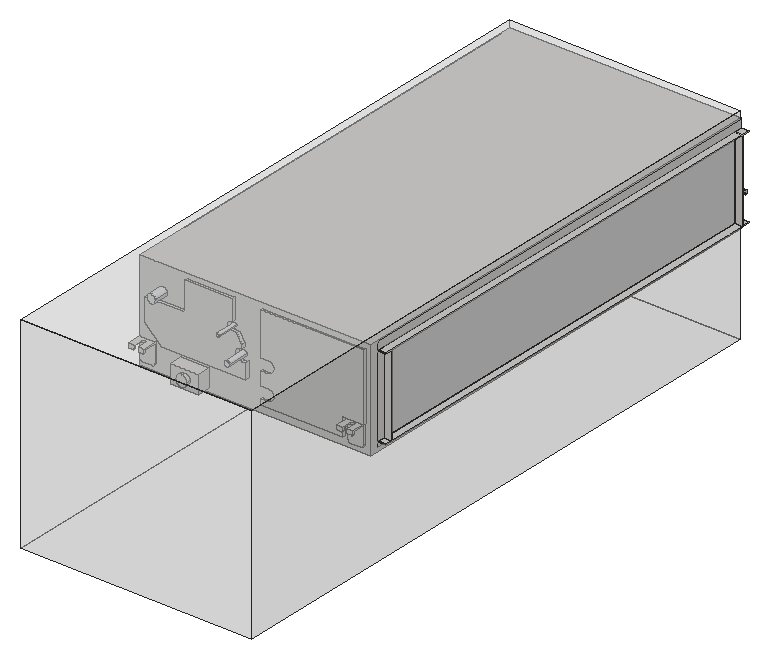
Revit family "outputfile", category 機械設備, Revit 2024
Family settings
  丸型コネクタ寸法 = 半径を使用
  パーツ タイプ = 標準
  OmniClass 番号 = 23.75.10.24.21.27.27
  OmniClass タイトル = Split System Air Conditioning Units
  作業面ベース = いいえ
  常に垂直 = はい
  ロード時にボイドで切り取り = いいえ
  注釈の向きを維持 = いいえ
  共有 = いいえ
  部屋計算ポイント = はい
Parameters (values of type "FXMQ140PAV4")
  Description = ""
  製造元 = "Daikin"
  書き出し IFC クラス(タイプ) = "IfcUnitaryEquipmentType"
  定義済み IFC タイプ(タイプ) = "AIRCONDITIONINGUNIT"
  Cost = 0
  モデル = "FXMQ140PAV4"
  Type Comments = ""
  Keynote = ""
  Type Image = (empty or 0)
  Assembly Code = ""
  r_Liquid Pipe Size = Liquid Pipe Size / 2  # 4.75 mm
  r_Gas Pipe Size = Gas Pipe Size / 2  # 7.95 mm
  r_Drain Pipe Size = Drain Pipe Size / 2  # 12.5 mm
  lw_power = 396.0 mm  # constant formula
  lh_SA = 165.0 mm  # constant formula
  lw_SA = if(Depth = 550.0 mm, 210.0 mm, if(Depth = 700.0 mm, 285.0 mm, if(Depth = 1000.0 mm, 435.0 mm, 635.0 mm)))  # 635.0 mm
  lw_RA = if(Depth = 550.0 mm, 288.0 mm, if(Depth = 700.0 mm, 363.0 mm, if(Depth = 1000.0 mm, 513.0 mm, 713.0 mm)))  # 713.0 mm
  lh_power = 60.0 mm + [h***]  # 60.0 mm
  lh_mountinghole1 = lh_mountinghole + [h***]  # 80.0 mm
  lh_RA = 150.0 mm  # constant formula
  ld_power = Depth / 2  # 700.0 mm
  Voltage_comment_60Hz = "220"
  Voltage_comment_50Hz = "220-240"
  Voltage_60Hz = 220 V
  Voltage_50Hz = 220 V
  URL = ""
  Supply Air Direction [instance] = yes
  Sound Power Level_H speed (dB) = 64
  Phase_60Hz = 1
  Phase_50Hz = 1
  Minimum External Static Pressure = 50.00 Pa
  Minimum Circuit Amps_60Hz = 3.4 A
  Minimum Circuit Amps_50Hz = 3.4 A
  Maximum Fuse Amps_60Hz = 16.0 A
  Maximum Fuse Amps_50Hz = 16.0 A
  Maximum External Static Pressure = 140.00 Pa
  Material_Casing = DAIKIN_GalvanizedSteel_Casing_indoorunit
  lw_mountinghole = 631.0 mm  # constant formula
  lh_gaspipe = 144.0 mm + [h***]  # 144.0 mm
  lh_mountinghole = 80.0 mm  # constant formula
  lh_liquidpipe = 212.0 mm + [h***]  # 212.0 mm
  lh_drainpipe = 232.0 mm + [h***]  # 232.0 mm
  lh_antena = Height - lh_mountinghole + 1.0 mm  # 221.0 mm
  ld_drainpipe = Depth / 2 + 54.0 mm  # 754.0 mm
  ld_liquidpipe = 765.0 mm
  ld_gaspipe = 765.0 mm
  ld_mountinghole = Depth + 38.0 mm  # 1438.0 mm
  h*** = 0.0 mm  # constant formula
  lw_liquidpipe = 290.0 mm  # constant formula
  lw_gaspipe = 318.0 mm  # constant formula
  lw_drainpipe = 80.0 mm  # constant formula
  Width = 700.0 mm
  Version = "ver.1.0"
  Unit Type = "Middle-High Static Pressure Duct Type"
  Unit Mass Weight = 46.00 kg
  Unit Designation [instance] = ""
  Uniclass2015Version = "Products v1.30"
  Uniclass2015Title = "Variable refrigerant flow units"
  Uniclass2015Code = "Pr_70_65_03_94"
  Total Heating Capacity [instance] = 0.000 kW
  Total Cooling Capacity [instance] = 0.000 kW
  Sound Pressure Level_M speed (dBA) = 0
  Sound Pressure Level_L speed (dBA) = 43
  Sound Pressure Level_H speed (dBA) = 46
  Series = "VRV Fan Coil Unit"
  Sensible Cooling Capacity [instance] = 0.000 kW
  SA Duct Size Width = if(Depth = 550.0 mm, 310.0 mm, if(Depth = 700.0 mm, 460.0 mm, if(Depth = 1000.0 mm, 760.0 mm, 1160.0 mm)))  # 1160.0 mm
  SA Duct Size Height = 215.0 mm
  Refrigerant Type = "R410A"
  RA Duct Size Width = if(Depth = 550.0 mm, 475.0 mm, if(Depth = 700.0 mm, 625.0 mm, if(Depth = 1000.0 mm, 925.0 mm, 1325.0 mm)))  # 1325.0 mm
  RA Duct Size Height = 247.0 mm
  Power Input (Heating) = 0.449 kW
  Power Input (Cooling) = 0.461 kW
  Option Accessory 3 [instance] = ""
  Option Accessory 2 [instance] = ""
  Option Accessory 1 [instance] = ""
  Nominal Heating Capacity = 18.000 kW
  Nominal Cooling Capacity = 16.000 kW
  Minimum Airflow = 1920.00 m³/h
  Median Airflow = 2340.00 m³/h
  Maximum Airflow = 2760.00 m³/h
  Load Classification = HVAC
  Liquid Pipe Size = 9.5 mm
  Link_Nested Family [instance] = ""
  IfcVersion = "0"
  IfcExportType = "AIRCONDITIONINGUNIT"
  IfcExportAs = "IfcUnitaryEquipmentType"
  Height = 300.0 mm
  Heating Entering Wet Bulb Temperature [instance] = 0.00 °C
  Heating Entering Dry Bulb Temperature [instance] = 0.00 °C
  Heating Ambient Wet Bulb Temperature [instance] = 0.00 °C
  Heating Ambient Dry Bulb Temperature [instance] = 0.00 °C
  Heat Exchanger Type = "Cross Fin Coil"
  Gas Pipe Size = 15.9 mm
  Frequency_60Hz = 60 Hz
  Frequency_50Hz = 50 Hz
  Fan Type = "Sirocco Fan"
  Fan Drive = "Direct Drive"
  FCU Tag No. [instance] = ""
  Drain Pipe Size = 25.0 mm
  Design Supply Airflow [instance] = 0.00 m³/h
  Design Return Airflow [instance] = 0.00 m³/h
  Design External Static Pressure [instance] = 0.00 Pa
  Depth = 1400.0 mm
  既定の高さ = 0.0 mm
  Cooling Entering Wet Bulb Temperature [instance] = 0.00 °C
  Cooling Entering Dry Bulb Temperature [instance] = 0.00 °C
  Cooling Ambient Wet Bulb Temperature [instance] = 0.00 °C
  Cooling Ambient Dry Bulb Temperature [instance] = 0.00 °C
  Clearance visibility [instance] = yes
  Clearance Top = 20.0 mm
  Clearance Right = 0.0 mm
  Clearance Rear = 0.0 mm
  Clearance Left = 0.0 mm
  Clearance Front = 450.0 mm
  Clearance Bottom = 300.0 mm
Reference planes
  plane 1 "Center (Front/Back)": y = 0
  plane 2 "h": z = 0
  plane 3 "Center (Left/Right)": x = 0
  plane 4 "Back": y = 700
  plane 5 "Front": y = -700
  plane 6 "Left": x = -350
  plane 7 "Reight": x = 350
  plane 8 "Top": z = 0
  plane 9 "Bottom": z = -300
  plane 10: y = -215
  plane 11: y = 700
  plane 12: y = -1150
  plane 13: x = -350
  plane 14: x = 350
  plane 15: z = 20
  plane 16: z = -600
  plane 17: x = -350
  plane 18: z = -135
  plane 19: x = -349
  plane 20: x = 349
  plane 21: y = 65
  plane 22: y = 13
  plane 23: z = -150
  plane 24: y = -710.8
  plane 25: z = -14
  plane 26: z = -219
  plane 27: x = -324
  plane 28: x = -60
  plane 29: x = -20
  plane 30: z = -156
  plane 31: x = -32
  plane 32: z = -88
  plane 33: x = 23
  plane 34: x = 335
  plane 35: z = -15.8
  plane 36: z = -274.8
  plane 37: z = -219.8
  plane 38: x = 271
  plane 39: x = -223.3
  plane 40: x = -138.3
  plane 41: z = -232.7
  plane 42: z = -288.5
  plane 43: y = -741
  plane 44: x = -181
  plane 45: z = -260
  plane 46: y = -751
  plane 47: z = -163.8
  plane 48: z = -239.8
  plane 49: x = 46
  plane 50: z = -88
  plane 51: x = -60
  plane 52: y = -765
  plane 53: z = -156
  plane 54: x = -32
  plane 55: y = -754
  plane 56: z = -68
  plane 57: x = -270
  plane 58: x = -270
  plane 59: x = -60
  plane 60: x = -32
  plane 61: x = 46
  plane 62: x = -323
  plane 63: x = 308
  plane 64: y = -719
  plane 65: y = 719
  plane 66: z = -220
  plane 67: y = -706
  plane 68: x = -204
  plane 69: z = -100.2
  plane 70: x = -374
  plane 71: x = 374
Forms (mm)
  Extrusion 1, solid, material "DAIKIN_GalvanizedSteel_Casing_indoorunit" <- "Material_Casing"
    sketch origin (0, 0, 0) x (1, 0, 0) y (0, 1, 0)
      loop
        line (-349, 700) -> (-349, -700) -> (349, -700) -> (349, 700) -> (-349, 700)
    from -300 to 0
  Extrusion 2, solid, material "DAIKIN_GalvanizedSteel_Casing_indoorunit" <- "Material_Casing"
    sketch origin (0, 0, 0) x (1, 0, 0) y (0, 0, 1)
      loop
        line (-324, -100.2) -> (-324, -168) -> (-273, -219) -> (-20, -219) -> (-20, -173.5) -> (-32, -173.5)
        arc (-32, -173.5) -> (-49.5, -156) -> (-32, -138.5) r 17.5
        line (-32, -138.5) -> (-32, -127.5) -> (-47, -101) -> (-60, -101)
        arc (-60, -101) -> (-73, -88) -> (-60, -75) r 13
        line (-60, -75) -> (-60, -14) -> (-204, -14) -> (-204, -100.2) -> (-324, -100.2)
    from 700 to 710.8
  Extrusion 3, solid, material "DAIKIN_GalvanizedSteel_Casing_indoorunit" <- "Material_Casing"
    sketch origin (0, 0, 0) x (1, 0, 0) y (0, 0, 1)
      loop
        line (23, -274.8) -> (271, -274.8) -> (271, -219.8) -> (335, -219.8) -> (335, -15.8) -> (23, -15.8) -> (23, -146.3) -> (46, -146.3)
        arc (46, -146.3) -> (63.5, -163.8) -> (46, -181.3) r 17.5
        line (46, -181.3) -> (23, -181.3) -> (23, -222.3) -> (46, -222.3)
        arc (46, -222.3) -> (63.5, -239.8) -> (46, -257.3) r 17.5
        line (46, -257.3) -> (23, -257.3) -> (23, -274.8)
    from 700 to 706
  Extrusion 4, solid, material "DAIKIN_GalvanizedSteel_Casing_indoorunit" <- "Material_Casing"
    sketch origin (0, 0, 0) x (1, 0, 0) y (0, 0, 1)
      loop
        line (-223.3, -232.7) -> (-223.3, -288.5) -> (-138.3, -288.5) -> (-138.3, -232.7) -> (-223.3, -232.7)
    from 700 to 741
  Extrusion 5, solid, material "DAIKIN_GalvanizedSteel_Casing_indoorunit" <- "Material_Casing"
    sketch origin (0, 0, 0) x (1, 0, 0) y (0, 0, 1)
      loop
        circle (-181, -260) r 16.5
    from 741 to 751
  Extrusion 6, solid
    sketch origin (0, 0, 0) x (1, 0, 0) y (0, 0, 1)
      loop
        circle (-60, -88) r 4.75
    from 700 to 765
  Extrusion 7, solid
    sketch origin (0, 0, 0) x (1, 0, 0) y (0, 0, 1)
      loop
        circle (-32, -156) r 7.95
    from 700 to 765
  Extrusion 8, solid
    sketch origin (0, 0, 0) x (1, 0, 0) y (0, 0, 1)
      loop
        circle (-270, -68) r 12.5
    from 710.8 to 754
Dimensions and locks
  "Height": plane 8 "Top" to plane 9 "Bottom"
  equal spacing: plane 4 "Back", plane 1 "Center (Front/Back)", plane 5 "Front"
  "Depth": plane 4 "Back" to plane 5 "Front"
  equal spacing: plane 6 "Left", plane 3 "Center (Left/Right)", plane 7 "Reight"
  "Width": plane 6 "Left" to plane 7 "Reight"
  "Clearance Left": plane 13 to plane 6 "Left"
  "Clearance Right": plane 7 "Reight" to plane 14
  "Clearance Rear": plane 11 to plane 4 "Back"
  "Clearance Front": plane 5 "Front" to plane 12
  "Clearance Top": plane 15 to plane 8 "Top"
  "Clearance Bottom": plane 9 "Bottom" to plane 16
  "lh_SA": plane 18 to plane 9 "Bottom"
  locked: plane 17 to plane 19 at 1
  locked: plane 20 to plane 14 at 1
  "lw_SA": plane 11 to plane 21
  "lw_RA": plane 22 to plane 5 "Front"
  "lh_RA": plane 23 to plane 9 "Bottom"
  locked: plane 5 "Front" to plane 24 at 10.8
  plane 29 to plane 28 to plane 27 to plane 6 "Left" = 40.0 mm, 264.0 mm, 26.0 mm
  locked: plane 31 to plane 6 "Left" at 318
  plane 34 to plane 33 to plane 6 "Left" = 312.0 mm locked, 373.0 mm locked
  locked: plane 34 to plane 38 at 64
  locked: plane 37 to plane 36 at 55
  plane 40 to plane 39 to plane 6 "Left" = 85.0 mm locked, 126.7 mm locked
  locked: plane 5 "Front" to plane 43 at 41
  locked: plane 44 to plane 6 "Left" at 169
  locked: plane 43 to plane 46 at 10
  plane 47 to plane 48 to plane 36 = 76.0 mm locked, 35.0 mm locked
  locked: plane 49 to plane 33 at 23
  "lw_liquidpipe": plane 51 to plane 6 "Left"
  "lh_liquidpipe": plane 50 to plane 9 "Bottom"
  "lh_gaspipe": plane 53 to plane 9 "Bottom"
  "lw_gaspipe": plane 54 to plane 6 "Left"
  "ld_gaspipe": plane 52 to plane 1 "Center (Front/Back)"
  "ld_drainpipe": plane 55 to plane 1 "Center (Front/Back)"
  "lh_drainpipe": plane 56 to plane 9 "Bottom"
  "lw_drainpipe": plane 57 to plane 6 "Left"
  "lw_drainpipe": plane 6 "Left" to plane 58
  "lw_liquidpipe": plane 6 "Left" to plane 59
  "lw_gaspipe": plane 6 "Left" to plane 60
  "lw_power": plane 6 "Left" to plane 61
  plane 17 to plane 62 = 27.0 mm
  "lw_mountinghole": plane 62 to plane 63
  equal spacing: plane 64, plane 1 "Center (Front/Back)", plane 65
  "ld_mountinghole": plane 65 to plane 64
  "lh_mountinghole": plane 66 to plane 9 "Bottom"
  plane 8 "Top" to plane 41 to plane 42 = 232.7 mm locked, 55.8 mm locked
  locked: plane 8 "Top" to plane 45 at 260
  plane 8 "Top" to plane 25 to plane 26 = 14.0 mm locked, 205.0 mm locked
  plane 8 "Top" to plane 32 to plane 30 = 88.0 mm locked, 68.0 mm locked
  plane 8 "Top" to plane 35 to plane 36 = 15.8 mm locked, 259.0 mm locked
  locked: plane 5 "Front" to plane 67 at 6
  locked: plane 25 to plane 69 at 86.2
  locked: plane 27 to plane 68 at 120
  locked: plane 70 to plane 6 "Left" at 24
  locked: plane 14 to plane 71 at 24
  "r_Liquid Pipe Size": radius of Extrusion 6 sketch curve
  "r_Gas Pipe Size": radius of Extrusion 7 sketch curve
  "r_Drain Pipe Size": radius of Extrusion 8 sketch curve
  aligned and locked: level to plane 2 "h"
  aligned and locked: plane 8 "Top" to Extrusion 1
  aligned and locked: Extrusion 1 to plane 9 "Bottom"
  aligned and locked: nested 5 to plane 12
  aligned and locked: plane 13 to nested 5
  aligned and locked: plane 14 to nested 5
  aligned and locked: nested 5 to plane 13
  aligned and locked: plane 11 to nested 5
  aligned and locked: plane 15 to nested 5
  aligned and locked: plane 16 to nested 5
  aligned and locked: plane 5 "Front" to Extrusion 1 sketch curve
  aligned and locked: Extrusion 1 to plane 19
  aligned and locked: plane 20 to Extrusion 1
  aligned and locked: nested 7 to plane 19
  aligned and locked: nested 7 to plane 21
  aligned and locked: plane 18 to nested 7
  aligned and locked: plane 20 to nested 8
  aligned and locked: plane 22 to nested 8
  aligned and locked: plane 23 to nested 8
  aligned and locked: Extrusion 2 to plane 24
  aligned and locked: plane 5 "Front" to Extrusion 2
  aligned and locked: plane 36 to Extrusion 3 sketch curve
  aligned and locked: plane 38 to Extrusion 3 sketch curve
  aligned and locked: plane 37 to Extrusion 3 sketch curve
  aligned and locked: Extrusion 3 sketch curve to plane 34
  aligned and locked: Extrusion 3 sketch curve to plane 35
  aligned and locked: Extrusion 3 sketch curve to plane 33
  aligned and locked: plane 5 "Front" to Extrusion 3
  aligned and locked: Extrusion 4 sketch curve to plane 41
  aligned and locked: Extrusion 4 sketch curve to plane 39
  aligned and locked: plane 42 to Extrusion 4 sketch curve
  aligned and locked: plane 40 to Extrusion 4 sketch curve
  aligned and locked: Extrusion 4 to plane 43
  aligned and locked: plane 5 "Front" to Extrusion 4
  aligned and locked: Extrusion 5 sketch curve to plane 44
  aligned and locked: plane 45 to Extrusion 5 sketch curve
  aligned and locked: Extrusion 5 to plane 46
  aligned and locked: plane 43 to Extrusion 5
  aligned and locked: Extrusion 6 sketch curve to plane 51
  aligned and locked: plane 50 to Extrusion 6 sketch curve
  aligned and locked: Extrusion 6 to plane 52
  aligned and locked: plane 5 "Front" to Extrusion 6
  aligned and locked: Extrusion 7 sketch curve to plane 54
  aligned and locked: plane 53 to Extrusion 7 sketch curve
  aligned and locked: Extrusion 7 to Extrusion 6
  aligned and locked: plane 5 "Front" to Extrusion 7
  aligned and locked: Extrusion 8 sketch curve to plane 57
  aligned and locked: plane 56 to Extrusion 8 sketch curve
  aligned and locked: Extrusion 8 to plane 55
  aligned and locked: plane 24 to Extrusion 8
  aligned and locked: nested 3 to plane 55
  aligned and locked: nested 3 to plane 58
  aligned and locked: nested 2 to plane 59
  aligned and locked: nested 2 to plane 52
  aligned and locked: nested 1 to plane 60
  aligned and locked: Extrusion 7 to plane 52
  aligned and locked: nested 1 to plane 52
  aligned and locked: nested 6 to plane 5 "Front"
  aligned and locked: nested 6 to plane 61
  aligned and locked: plane 62 to nested 10
  aligned and locked: nested 10 to plane 5 "Front"
  aligned and locked: plane 63 to nested 9
  aligned and locked: nested 9 to plane 5 "Front"
  aligned and locked: nested 11 to plane 62
  aligned and locked: plane 4 "Back" to nested 11
  aligned and locked: nested 12 to plane 63
  aligned and locked: plane 4 "Back" to nested 12
  aligned and locked: plane 66 to nested 10
  aligned and locked: plane 66 to nested 11
  aligned and locked: plane 66 to nested 9
  aligned and locked: plane 66 to nested 12
  aligned and locked: plane 62 to nested 14
  aligned and locked: nested 14 to plane 65
  aligned and locked: plane 63 to nested 13
  aligned and locked: nested 13 to plane 65
  aligned and locked: plane 63 to nested 16
  aligned and locked: plane 64 to nested 16
  aligned and locked: plane 64 to nested 15
  aligned and locked: plane 62 to nested 15
  aligned and locked: Extrusion 3 to plane 67
  aligned and locked: Extrusion 2 sketch curve to plane 68
  aligned and locked: plane 69 to Extrusion 2 sketch curve
  aligned and locked: nested 17 to plane 21
  aligned and locked: nested 17 to plane 70
  aligned and locked: plane 18 to nested 17
  aligned and locked: plane 22 to nested 18
  aligned and locked: plane 71 to nested 18
  aligned and locked: nested 18 to plane 23
  aligned and locked: nested 4 to plane 3 "Center (Left/Right)"
  aligned and locked: plane 1 "Center (Front/Back)" to nested 4
  aligned and locked: level to plane 8 "Top"
Automatic sketch dimensions
  plane 6 "Left" to Extrusion 1 sketch curve = 1.0 mm
  Extrusion 1 sketch curve to plane 7 "Reight" = 1.0 mm
  Extrusion 1 sketch curve to plane 4 "Back" = 0.0 mm
  Extrusion 3 sketch curve to plane 33 = 0.0 mm  (x2)
  Extrusion 3 sketch curve to plane 47 = 0.0 mm
  Extrusion 3 sketch curve to plane 49 = 0.0 mm  (x4)
  Extrusion 3 sketch curve to plane 48 = 0.0 mm
  Extrusion 3 sketch curve to plane 37 = 2.5 mm
  plane 23 to Extrusion 3 sketch curve = 3.7 mm
  plane 27 to Extrusion 2 sketch curve = 0.0 mm
  Extrusion 2 sketch curve to plane 26 = 0.0 mm
  Extrusion 2 sketch curve to plane 28 = 0.0 mm
  Extrusion 2 sketch curve to plane 31 = 0.0 mm
  Extrusion 2 sketch curve to plane 29 = 0.0 mm
  Extrusion 2 sketch curve to plane 30 = 0.0 mm
  Extrusion 2 sketch curve to plane 32 = 0.0 mm
  Extrusion 2 sketch curve to plane 25 = 0.0 mm
  Extrusion 2 sketch curve to Extrusion 2 sketch curve = 13.0 mm
  Extrusion 2 sketch curve to Extrusion 2 sketch curve = 17.5 mm
  plane 18 to Extrusion 2 sketch curve = 7.5 mm
  Extrusion 2 sketch curve to plane 58 = 3.0 mm
  Extrusion 2 sketch curve to plane 30 = 12.0 mm
  Extrusion 2 sketch curve to Extrusion 2 sketch curve = 0.8 mm
  radius of Extrusion 5 sketch curve = 16.5 mm
Nested families
  nested 1: "daikin_connector_rotate2" at (-32, 0, -156), length <- "ld_gaspipe", built-in parameter 1001364 <- "lh_gaspipe", radius <- "r_Gas Pipe Size", type "daikin_connector_rotate2"
    with radius 7.95 mm, length 765.0 mm, angle_vertical 90.00°
  nested 2: "daikin_connector_rotate2" at (-60, 0, -88), length <- "ld_liquidpipe", built-in parameter 1001364 <- "lh_liquidpipe", radius <- "r_Liquid Pipe Size", type "daikin_connector_rotate2"
    with radius 4.75 mm, length 765.0 mm, angle_vertical 90.00°
  nested 3: "daikin_connector_rotate2" at (-270, 0, -68), length <- "ld_drainpipe", built-in parameter 1001364 <- "lh_drainpipe", radius <- "r_Drain Pipe Size", type "daikin_connector_rotate2"
    with radius 12.5 mm, length 754.0 mm, angle_vertical 90.00°
  nested 4: "daikin_△_symbolicline" at (0, 0, 300) x (0, -1, 0) z (0, 0, 1), built-in parameter 1001364 <- "Height", visible <- "Supply Air Direction", type "daikin_△_symbolicline"
    with length 200.0 mm
  nested 5: "daikin_clearancespace" at (0, -225, -289.881), visible <- "Clearance visibility", show <- "Clearance visibility", Link_Nested Family <- "Link_Nested Family", type "daikin_clearancespace"
    with width 700.0 mm, show yes, height 620.0 mm, depth 1850.0 mm, Link_Nested Family ""
  nested 6: "daikin_connector_rotate2" at (46, 0, -240), built-in parameter 1001364 <- "lh_power", length <- "ld_power", type "daikin_connector_rotate2"
    with radius 10.0 mm, length 700.0 mm, angle_vertical 90.00°
  nested 7: "daikin_ductflange_FXMQ-PAV4_2" at (-349, 65, -135) x (0, -1, 0) z (0, 0, 1), type "daikin_ductflange_FXMQ-PAV4_2"
    with width 1160.0 mm, w 1400.0 mm
  nested 8: "daikin_ductflange_FXMQ-PAV4_1" at (349, 13, -150) x (0, 1, 0) z (0, 0, 1), type "daikin_ductflange_FXMQ-PAV4_1"
    with width 1325.0 mm, w 1400.0 mm
  nested 9: "daikin_hangerfixture_FXMQ-PAV4" at (308, -700, -220), type "daikin_hangerfixture_FXMQ-PAV4"
  nested 10: "daikin_hangerfixture_FXMQ-PAV4" at (-323, -700, -220), type "daikin_hangerfixture_FXMQ-PAV4"
  nested 11: "daikin_hangerfixture_FXMQ-PAV4" at (-323, 700, -220) x (-1, 0, 0) z (0, 0, 1), type "daikin_hangerfixture_FXMQ-PAV4"
  nested 12: "daikin_hangerfixture_FXMQ-PAV4" at (308, 700, -220) x (-1, 0, 0) z (0, 0, 1), type "daikin_hangerfixture_FXMQ-PAV4"
  nested 13: "daikin_mountinghole" at (308, 719, -300), h_mountinghole <- "lh_mountinghole1", l_antenna <- "lh_antena", Link_Nested Family <- "Link_Nested Family", type "daikin_mountinghole"
    with show yes, l_antenna 221.0 mm, h_mountinghole 80.0 mm, Link_Nested Family ""
  nested 14: "daikin_mountinghole" at (-323, 719, -300), h_mountinghole <- "lh_mountinghole1", l_antenna <- "lh_antena", Link_Nested Family <- "Link_Nested Family", type "daikin_mountinghole"
    with show yes, l_antenna 221.0 mm, h_mountinghole 80.0 mm, Link_Nested Family ""
  nested 15: "daikin_mountinghole" at (-323, -719, -300), h_mountinghole <- "lh_mountinghole1", l_antenna <- "lh_antena", Link_Nested Family <- "Link_Nested Family", type "daikin_mountinghole"
    with show yes, l_antenna 221.0 mm, h_mountinghole 80.0 mm, Link_Nested Family ""
  nested 16: "daikin_mountinghole" at (308, -719, -300), h_mountinghole <- "lh_mountinghole1", l_antenna <- "lh_antena", Link_Nested Family <- "Link_Nested Family", type "daikin_mountinghole"
    with show yes, l_antenna 221.0 mm, h_mountinghole 80.0 mm, Link_Nested Family ""
  nested 17: "daikin_connector_rotate2" at (-350, 65, -135) x (0, -1, 0) z (0, 0, 1), type "daikin_connector_rotate2"
    with radius 10.0 mm, length 24.0 mm, angle_vertical 90.00°
  nested 18: "daikin_connector_rotate2" at (350, 13, -150) x (0, 1, 0) z (0, 0, 1), type "daikin_connector_rotate2"
    with radius 10.0 mm, length 24.0 mm, angle_vertical 90.00°
Connectors
  piping at (-270, -754, -68), diameter 25, driven by "r_Drain Pipe Size"
    settings: on nested 3, index 3, connector inside diameter 609.6 mm, connector length 0.0 mm, flow factor 0, pipe flow 0.00 m³/h, pressure drop 0.0 Pa, fitting loss kfactor 0, connector angle 0.00°, fixture units 0, engagement length 0.0 mm, angle of deflection 0.00°, flow configuration 1, flow direction 2, fitting loss method 4, system type 16, joint type 0, gender type 0, connector reference index -1, connector utility 0, adjustable connector no, is connector primary yes, connector description "Condensate Drain Piping"
  piping at (-32, -765, -156), diameter 15.9, driven by "r_Gas Pipe Size"
    settings: on nested 1, index 4, connector inside diameter 609.6 mm, connector length 0.0 mm, flow factor 0, pipe flow 0.00 m³/h, pressure drop 0.0 Pa, fitting loss kfactor 0, connector angle 0.00°, fixture units 0, engagement length 0.0 mm, angle of deflection 0.00°, flow configuration 1, flow direction 2, fitting loss method 0, system type 29, joint type 0, gender type 0, connector reference index -1, connector utility 0, adjustable connector no, is connector primary no, connector description "Refrigerant Gas Piping"
  piping at (-60, -765, -88), diameter 9.5, driven by "r_Liquid Pipe Size"
    settings: on nested 2, index 5, connector inside diameter 609.6 mm, connector length 0.0 mm, flow factor 0, pipe flow 0.00 m³/h, pressure drop 0.0 Pa, fitting loss kfactor 0, connector angle 0.00°, fixture units 0, engagement length 0.0 mm, angle of deflection 0.00°, flow configuration 1, flow direction 1, fitting loss method 0, system type 29, joint type 0, gender type 0, connector reference index -1, connector utility 0, adjustable connector no, is connector primary no, connector description "Refrigerant Liquid Piping"
  electrical at (46, -700, -240), driven by "Load Classification"
    settings: on nested 6, index 6, voltage 0 V, apparent load 0 VA, apparent load phase1 0 VA, apparent load phase2 0 VA, apparent load phase3 0 VA, power factor 1, load classification "HVAC", number of poles 1, system type 30, power factor state 1, is connector primary yes, connector utility no, sub classification motor no, connector description "Power Supply"
  hvac at (-374, 65, -135), driven by "SA Duct Size Height", driven by "SA Duct Size Width"
    settings: on nested 17, index 7, duct flow 0.00 m³/h, flow factor 0, pres drop 0.00 Pa, loss coef 0, conn angle 0.00°, conn width 1160.0 mm, conn height 215.0 mm, conn diameter 609.6 mm, duct sys type 1, conn prof type 1, flow config 0, flow direction 2, loss method 4, conn ref index -1, conn util no, is conn primary yes, conn desc "SA Duct"
  hvac at (374, 13, -150), driven by "RA Duct Size Height", driven by "RA Duct Size Width"
    settings: on nested 18, index 8, duct flow 0.00 m³/h, flow factor 0, pres drop 0.00 Pa, loss coef 0, conn angle 0.00°, conn width 1325.0 mm, conn height 247.0 mm, conn diameter 609.6 mm, duct sys type 2, conn prof type 1, flow config 0, flow direction 1, loss method 4, conn ref index -1, conn util no, is conn primary no, conn desc "RA Duct"
Definition of nested family "daikin_clearancespace"
  Parameters (values of type "daikin_clearancespace")
    width [instance] = 1823.963 mm
    show [instance] = yes
    material = none
    height [instance] = 1359.762 mm
    depth [instance] = 880.0 mm
    Default Elevation = 0.0 mm
    Link_Nested Family [instance] = ""
  Reference planes
    plane 1 "Center (Front/Back)": y = 0
    plane 2 "Center (Elevation)": z = -0.119
    plane 3 "Center (Left/Right)": x = 0
    plane 4: y = 440
    plane 5: y = -440
    plane 6 "Right": x = 911.982
    plane 7 "Left": x = -911.982
    plane 8 "Top": z = 679.762
    plane 9 "Bottom": z = -680
  Forms (mm)
    Extrusion 1, solid, material <- "material", visible <- "show"
      sketch origin (0, 0, 0) x (1, 0, 0) y (0, 1, 0)
        loop
          line (-911.982, 440) -> (-911.982, -440) -> (911.982, -440) -> (911.982, 440) -> (-911.982, 440)
      from -680 to 679.762
  Lines and regions (mm)
    symbolic lines, visible <- "show"
      curve 1: line (911.982, 440, 0) -> (-911.982, 440, 0)
      curve 2: line (-911.982, 440, 0) -> (-911.982, -440, 0)
      curve 3: line (-911.982, -440, 0) -> (911.982, -440, 0)
      curve 4: line (911.982, -440, 0) -> (911.982, 440, 0)
      curve 5: line (911.982, 0, 679.762) -> (-911.982, 0, 679.762)
      curve 6: line (911.982, 0, -680) -> (911.982, 0, 679.762)
      curve 7: line (-911.982, 0, -680) -> (911.982, 0, -680)
      curve 8: line (-911.982, 0, 679.762) -> (-911.982, 0, -680)
      curve 9: line (0, 440, 679.762) -> (0, -440, 679.762)
      curve 10: line (0, -440, 679.762) -> (0, -440, -680)
      curve 11: line (0, 440, -680) -> (0, 440, 679.762)
      curve 12: line (0, -440, -680) -> (0, 440, -680)
  Dimensions and locks
    "width": plane 7 "Left" to plane 6 "Right"
    "depth": plane 4 to plane 5
    "height": plane 8 "Top" to plane 9 "Bottom"
    equal spacing: plane 7 "Left", plane 3 "Center (Left/Right)", plane 6 "Right"
    equal spacing: plane 4, plane 1 "Center (Front/Back)", plane 5
    equal spacing: plane 8 "Top", plane 2 "Center (Elevation)", plane 9 "Bottom"
    aligned and locked: level to plane 2 "Center (Elevation)"
    aligned and locked: Extrusion 1 sketch curve to plane 4
    aligned and locked: plane 7 "Left" to Extrusion 1 sketch curve
    aligned and locked: Extrusion 1 sketch curve to plane 5
    aligned and locked: Extrusion 1 sketch curve to plane 6 "Right"
    aligned and locked: plane 8 "Top" to Extrusion 1
    aligned and locked: curve 1 to Extrusion 1
    aligned and locked: curve 2 to Extrusion 1
    aligned and locked: curve 3 to Extrusion 1
    aligned and locked: curve 4 to Extrusion 1
    aligned and locked: curve 5 to Extrusion 1
    aligned and locked: curve 6 to Extrusion 1
    aligned and locked: curve 7 to Extrusion 1
    aligned and locked: curve 8 to Extrusion 1
    aligned and locked: curve 9 to Extrusion 1
    aligned and locked: curve 10 to Extrusion 1
    aligned and locked: curve 11 to Extrusion 1
    aligned and locked: curve 12 to Extrusion 1
    aligned and locked: Extrusion 1 to plane 9 "Bottom"
Definition of nested family "daikin_ductflange_FXMQ-PAV4_2"
  Parameters (values of type "daikin_ductflange_FXDSQ-AVM2")
    width = if(w = 550.0 mm, 310.0 mm, if(w = 700.0 mm, 460.0 mm, if(w = 1000.0 mm, 760.0 mm, 1160.0 mm)))  # 310.0 mm
    material = none
    height = 215.0 mm
    depth = 1.0 mm
    w = 550.0 mm
    Default Elevation = 0.0 mm
  Reference planes
    plane 1 "Center (Front/Back)": y = 0
    plane 2: z = 0
    plane 3 "Center (Left/Right)": x = 0
    plane 4: z = 107.5
    plane 5: z = -107.5
    plane 6: y = -25
    plane 7: z = 132.5
    plane 8: z = 108.5
    plane 9: y = -1
    plane 10: x = -177.5
    plane 11: x = 177.5
    plane 12: z = -132.5
    plane 13: z = -108.5
    plane 14: y = -1
    plane 15: x = 155
    plane 16: x = -155
    plane 17: x = 156
    plane 18: z = 106.5
    plane 19: z = -106.5
    plane 20: x = -156
    plane 21: z = 106.5
    plane 22: z = -106.5
    plane 23: y = -1
  Forms (mm)
    Extrusion 1, solid, material <- "material"
      sketch origin (0, 0, 0) x (0, 1, 0) y (0, 0, 1)
        loop
          line (-25, 107.5) -> (0, 107.5) -> (0, 132.5) -> (-1, 132.5) -> (-1, 108.5) -> (-25, 108.5) -> (-25, 107.5)
      from -177.5 to 177.5
    Extrusion 2, solid, material <- "material"
      sketch origin (0, 0, 0) x (0, 1, 0) y (0, 0, 1)
        loop
          line (-25, -107.5) -> (-25, -108.5) -> (-1, -108.5) -> (-1, -132.5) -> (0, -132.5) -> (0, -107.5) -> (-25, -107.5)
      from -177.5 to 177.5
    Extrusion 3, solid, material <- "material"
      sketch origin (0, 0, 0) x (1, 0, 0) y (0, 0, 1)
        loop
          line (155, 107.5) -> (155, -107.5) -> (177.5, -107.5) -> (177.5, -106.5) -> (156, -106.5) -> (156, 106.5) -> (177.5, 106.5) -> (177.5, 107.5) -> (155, 107.5)
      from 0 to 25
    Extrusion 4, solid, material <- "material"
      sketch origin (0, 0, 0) x (1, 0, 0) y (0, 0, 1)
        loop
          line (-177.5, 107.5) -> (-177.5, 106.5) -> (-156, 106.5) -> (-156, -106.5) -> (-177.5, -106.5) -> (-177.5, -107.5) -> (-155, -107.5) -> (-155, 107.5) -> (-177.5, 107.5)
      from 0 to 25
    Extrusion 5, solid, material <- "material"
      sketch origin (0, 0, 0) x (1, 0, 0) y (0, 0, 1)
        loop
          line (-177.5, 107.5) -> (-177.5, -107.5) -> (-155, -107.5) -> (-155, 107.5) -> (-177.5, 107.5)
        loop
          line (177.5, 107.5) -> (155, 107.5) -> (155, -107.5) -> (177.5, -107.5) -> (177.5, 107.5)
      from 0 to 1
  Cuts and joins
    joined: Extrusion 1, Extrusion 2, Extrusion 3, Extrusion 4, Extrusion 5
  Dimensions and locks
    plane 4 to level to plane 5 = 107.5 mm locked, 107.5 mm locked
    locked: plane 6 to plane 1 "Center (Front/Back)" at 25
    locked: plane 9 to plane 1 "Center (Front/Back)" at 1
    locked: plane 8 to plane 4 at 1
    locked: plane 11 to plane 15 at 22.5
    locked: plane 16 to plane 10 at 22.5
    locked: plane 17 to plane 15 at 1
    locked: plane 4 to plane 18 at 1
    locked: plane 19 to plane 5 at 1
    "width": plane 15 to plane 16
    plane 4 to plane 5 = 215.0 mm
    equal spacing: plane 15, plane 3 "Center (Left/Right)", plane 16
    locked: plane 16 to plane 20 at 1
    locked: plane 4 to plane 21 at 1
    locked: plane 22 to plane 5 at 1
    locked: plane 23 to plane 1 "Center (Front/Back)" at 1
    aligned and locked: level to plane 2
    aligned and locked: Extrusion 1 to plane 10
    aligned and locked: plane 11 to Extrusion 1
    aligned and locked: plane 5 to Extrusion 2
    aligned and locked: Extrusion 2 to plane 1 "Center (Front/Back)"
    aligned and locked: plane 15 to Extrusion 3 sketch curve
    aligned and locked: Extrusion 3 sketch curve to Extrusion 2  (x2)
    aligned and locked: Extrusion 3 sketch curve to plane 11
    aligned and locked: plane 6 to Extrusion 3
    aligned and locked: Extrusion 2 to plane 10
    aligned and locked: plane 11 to Extrusion 2
    aligned and locked: Extrusion 4 sketch curve to Extrusion 1  (x2)
    aligned and locked: plane 5 to Extrusion 4 sketch curve
    aligned and locked: Extrusion 4 sketch curve to plane 16
    aligned and locked: Extrusion 4 sketch curve to plane 22
    aligned and locked: plane 20 to Extrusion 4 sketch curve
    aligned and locked: plane 21 to Extrusion 4 sketch curve
    aligned and locked: Extrusion 4 to plane 1 "Center (Front/Back)"
    aligned and locked: plane 6 to Extrusion 4
    aligned and locked: Extrusion 5 sketch curve to Extrusion 1  (x4)
    aligned and locked: Extrusion 5 sketch curve to Extrusion 4  (x2)
    aligned and locked: Extrusion 5 sketch curve to Extrusion 3  (x2)
    aligned and locked: Extrusion 5 to plane 1 "Center (Front/Back)"
    aligned and locked: plane 23 to Extrusion 5
  Automatic sketch dimensions
    Extrusion 1 sketch curve to plane 6 = 0.0 mm
    Extrusion 1 sketch curve to plane 7 = 0.0 mm
    Extrusion 1 sketch curve to plane 9 = 0.0 mm
    Extrusion 1 sketch curve to plane 1 "Center (Front/Back)" = 0.0 mm
    Extrusion 1 sketch curve to plane 4 = 0.0 mm
    Extrusion 1 sketch curve to plane 8 = 0.0 mm
    Extrusion 2 sketch curve to plane 6 = 0.0 mm
    plane 12 to Extrusion 2 sketch curve = 0.0 mm
    Extrusion 2 sketch curve to plane 14 = 0.0 mm
    Extrusion 2 sketch curve to plane 1 "Center (Front/Back)" = 0.0 mm
    plane 13 to Extrusion 2 sketch curve = 0.0 mm
    Extrusion 2 sketch curve to plane 5 = 0.0 mm
    Extrusion 3 sketch curve to plane 17 = 0.0 mm
    Extrusion 3 sketch curve to plane 19 = 0.0 mm
    Extrusion 3 sketch curve to plane 18 = 0.0 mm
    Extrusion 3 sketch curve to plane 4 = 0.0 mm
    Extrusion 4 sketch curve to plane 10 = 0.0 mm
Definition of nested family "daikin_ductflange_FXMQ-PAV4_1"
  Parameters (values of type "daikin_ductflange_FXDSQ-AVM")
    width = if(w = 550.0 mm, 475.0 mm, if(w = 700.0 mm, 625.0 mm, if(w = 1000.0 mm, 925.0 mm, 1325.0 mm)))  # 475.0 mm
    material = none
    height = 247.0 mm
    depth = 1.0 mm
    w = 550.0 mm
    Default Elevation = 0.0 mm
  Reference planes
    plane 1 "Center (Front/Back)": y = 0
    plane 2: z = 0
    plane 3 "Center (Left/Right)": x = 0
    plane 4: z = 123.5
    plane 5: z = -123.5
    plane 6: y = -25
    plane 7: z = 146.5
    plane 8: z = 124.5
    plane 9: y = -1
    plane 10: x = -260
    plane 11: x = 260
    plane 12: z = -137
    plane 13: z = -124.5
    plane 14: y = -1
    plane 15: x = 237.5
    plane 16: x = -237.5
    plane 17: x = 238.5
    plane 18: z = 122.5
    plane 19: z = -122.5
    plane 20: x = -238.5
    plane 21: z = 122.5
    plane 22: z = -122.5
    plane 23: y = -1
  Forms (mm)
    Extrusion 1, solid, material <- "material"
      sketch origin (0, 0, 0) x (0, 1, 0) y (0, 0, 1)
        loop
          line (-25, 123.5) -> (0, 123.5) -> (0, 146.5) -> (-1, 146.5) -> (-1, 124.5) -> (-25, 124.5) -> (-25, 123.5)
      from -260 to 260
    Extrusion 2, solid, material <- "material"
      sketch origin (0, 0, 0) x (0, 1, 0) y (0, 0, 1)
        loop
          line (-25, -123.5) -> (-25, -124.5) -> (-1, -124.5) -> (-1, -137) -> (0, -137) -> (0, -123.5) -> (-25, -123.5)
      from -260 to 260
    Extrusion 3, solid, material <- "material"
      sketch origin (0, 0, 0) x (1, 0, 0) y (0, 0, 1)
        loop
          line (237.5, 123.5) -> (237.5, -123.5) -> (260, -123.5) -> (260, -122.5) -> (238.5, -122.5) -> (238.5, 122.5) -> (260, 122.5) -> (260, 123.5) -> (237.5, 123.5)
      from 0 to 25
    Extrusion 4, solid, material <- "material"
      sketch origin (0, 0, 0) x (1, 0, 0) y (0, 0, 1)
        loop
          line (-260, 123.5) -> (-260, 122.5) -> (-238.5, 122.5) -> (-238.5, -122.5) -> (-260, -122.5) -> (-260, -123.5) -> (-237.5, -123.5) -> (-237.5, 123.5) -> (-260, 123.5)
      from 0 to 25
    Extrusion 5, solid, material <- "material"
      sketch origin (0, 0, 0) x (1, 0, 0) y (0, 0, 1)
        loop
          line (-260, 123.5) -> (-260, -123.5) -> (-237.5, -123.5) -> (-237.5, 123.5) -> (-260, 123.5)
        loop
          line (260, 123.5) -> (237.5, 123.5) -> (237.5, -123.5) -> (260, -123.5) -> (260, 123.5)
      from 0 to 1
  Cuts and joins
    joined: Extrusion 1, Extrusion 2, Extrusion 3, Extrusion 4, Extrusion 5
  Dimensions and locks
    plane 4 to level to plane 5 = 123.5 mm, 123.5 mm
    locked: plane 6 to plane 1 "Center (Front/Back)" at 25
    locked: plane 9 to plane 1 "Center (Front/Back)" at 1
    locked: plane 8 to plane 4 at 1
    locked: plane 11 to plane 15 at 22.5
    locked: plane 16 to plane 10 at 22.5
    locked: plane 17 to plane 15 at 1
    locked: plane 4 to plane 18 at 1
    locked: plane 19 to plane 5 at 1
    "width": plane 15 to plane 16
    equal spacing: plane 15, plane 3 "Center (Left/Right)", plane 16
    locked: plane 16 to plane 20 at 1
    locked: plane 4 to plane 21 at 1
    locked: plane 22 to plane 5 at 1
    locked: plane 23 to plane 1 "Center (Front/Back)" at 1
    equal spacing: plane 4, level, plane 5
    locked: plane 7 to plane 4 at 23
    locked: plane 5 to plane 12 at 13.5
    locked: plane 1 "Center (Front/Back)" to plane 14 at 1
    locked: plane 5 to plane 13 at 1
    locked: plane 4 to plane 5 at 247
    aligned and locked: level to plane 2
    aligned and locked: Extrusion 1 to plane 10
    aligned and locked: plane 11 to Extrusion 1
    aligned and locked: plane 5 to Extrusion 2
    aligned and locked: Extrusion 2 to plane 1 "Center (Front/Back)"
    aligned and locked: plane 15 to Extrusion 3 sketch curve
    aligned and locked: Extrusion 3 sketch curve to Extrusion 2  (x2)
    aligned and locked: Extrusion 3 sketch curve to plane 11
    aligned and locked: plane 6 to Extrusion 3
    aligned and locked: Extrusion 2 to plane 10
    aligned and locked: plane 11 to Extrusion 2
    aligned and locked: Extrusion 4 sketch curve to Extrusion 1  (x2)
    aligned and locked: plane 5 to Extrusion 4 sketch curve
    aligned and locked: Extrusion 4 sketch curve to plane 16
    aligned and locked: Extrusion 4 sketch curve to plane 22
    aligned and locked: plane 20 to Extrusion 4 sketch curve
    aligned and locked: plane 21 to Extrusion 4 sketch curve
    aligned and locked: Extrusion 4 to plane 1 "Center (Front/Back)"
    aligned and locked: plane 6 to Extrusion 4
    aligned and locked: Extrusion 5 sketch curve to Extrusion 1  (x4)
    aligned and locked: Extrusion 5 sketch curve to Extrusion 4  (x2)
    aligned and locked: Extrusion 5 sketch curve to Extrusion 3  (x2)
    aligned and locked: Extrusion 5 to plane 1 "Center (Front/Back)"
    aligned and locked: plane 23 to Extrusion 5
  Automatic sketch dimensions
    Extrusion 1 sketch curve to plane 6 = 0.0 mm
    Extrusion 1 sketch curve to plane 7 = 0.0 mm
    Extrusion 1 sketch curve to plane 9 = 0.0 mm
    Extrusion 1 sketch curve to plane 1 "Center (Front/Back)" = 0.0 mm
    Extrusion 1 sketch curve to plane 4 = 0.0 mm
    Extrusion 1 sketch curve to plane 8 = 0.0 mm
    Extrusion 2 sketch curve to plane 6 = 0.0 mm
    plane 12 to Extrusion 2 sketch curve = 0.0 mm
    Extrusion 2 sketch curve to plane 14 = 0.0 mm
    Extrusion 2 sketch curve to plane 1 "Center (Front/Back)" = 0.0 mm
    plane 13 to Extrusion 2 sketch curve = 0.0 mm
    Extrusion 2 sketch curve to plane 5 = 0.0 mm
    Extrusion 3 sketch curve to plane 17 = 0.0 mm
    Extrusion 3 sketch curve to plane 19 = 0.0 mm
    Extrusion 3 sketch curve to plane 18 = 0.0 mm
    Extrusion 3 sketch curve to plane 4 = 0.0 mm
    Extrusion 4 sketch curve to plane 10 = 0.0 mm
Definition of nested family "daikin_hangerfixture_FXMQ-PAV4"
  Parameters (values of type "daikin_hangerfixture_FXMQ-PAVE")
    width = 48.0 mm
    material = none
    height = 65.0 mm
    depth = 45.0 mm
    Default Elevation = 0.0 mm
  Reference planes
    plane 1 "Center (Front/Back)": y = 0
    plane 2: z = 0
    plane 3 "Center (Left/Right)": x = 0
    plane 4: y = 417.146
    plane 5: y = -45
    plane 6: x = -24
    plane 7: x = 24
    plane 8: z = -2.3
    plane 9: z = -65
    plane 10: y = -2.3
    plane 11: z = -12
    plane 12: y = -42.7
  Forms (mm)
    Extrusion 1, solid, material <- "material"
      sketch origin (0, 0, 0) x (1, 0, 0) y (0, 1, 0)
        loop
          line (24, 0) -> (-24, 0) -> (-24, -45) -> (-6, -45) -> (-6, -19)
          arc (-6, -19) -> (0, -13) -> (6, -19) r 6
          line (6, -19) -> (6, -45) -> (24, -45) -> (24, 0)
      from 0 to -2.3
    Extrusion 2, solid, material <- "material"
      sketch origin (0, 0, 0) x (1, 0, 0) y (0, 0, 1)
        loop
          line (24, -55) -> (24, 0) -> (-24, 0) -> (-24, -55)
          arc (-24, -55) -> (-21.071, -62.071) -> (-14, -65) r 10
          line (-14, -65) -> (14, -65)
          arc (14, -65) -> (21.071, -62.071) -> (24, -55) r 10
      from 0 to 2.3
    Extrusion 3, solid, material <- "material"
      sketch origin (0, 0, 0) x (1, 0, 0) y (0, 0, 1)
        loop
          line (-6, -9) -> (-6, 0) -> (-24, 0) -> (-24, -9)
          arc (-24, -9) -> (-23.121, -11.121) -> (-21, -12) r 3
          line (-21, -12) -> (-9, -12)
          arc (-9, -12) -> (-6.879, -11.121) -> (-6, -9) r 3
        loop
          line (6, 0) -> (6, -9)
          arc (6, -9) -> (6.879, -11.121) -> (9, -12) r 3
          line (9, -12) -> (21, -12)
          arc (21, -12) -> (23.121, -11.121) -> (24, -9) r 3
          line (24, -9) -> (24, 0) -> (6, 0)
      from 42.7 to 45
  Cuts and joins
    joined: Extrusion 1, Extrusion 2, Extrusion 3
  Dimensions and locks
    "width": plane 6 to plane 7
    "depth": plane 5 to plane 1 "Center (Front/Back)"
    plane 2 to plane 8 = 2.3 mm
    "height": plane 2 to plane 9
    locked: plane 10 to plane 1 "Center (Front/Back)" at 2.3
    locked: plane 2 to plane 11 at 12
    locked: plane 12 to plane 5 at 2.3
    aligned and locked: level to plane 2
    aligned and locked: Extrusion 1 sketch curve to plane 1 "Center (Front/Back)"
    aligned and locked: plane 7 to Extrusion 1
    aligned and locked: Extrusion 1 to plane 6
    aligned and locked: Extrusion 1 to plane 5  (x2)
    aligned and locked: Extrusion 1 to plane 8
    aligned and locked: plane 2 to Extrusion 1
    aligned and locked: plane 2 to Extrusion 2 sketch curve
    aligned and locked: Extrusion 2 to plane 9
    aligned and locked: Extrusion 2 to plane 10
    aligned and locked: Extrusion 2 to plane 1 "Center (Front/Back)"
    aligned and locked: plane 2 to Extrusion 3 sketch curve  (x2)
    aligned and locked: Extrusion 3 to plane 11  (x2)
    aligned and locked: plane 12 to Extrusion 3
    aligned and locked: Extrusion 3 to plane 5
  Automatic sketch dimensions
    Extrusion 1 sketch curve to plane 6 = 0.0 mm
    Extrusion 1 sketch curve to plane 5 = 0.0 mm  (x2)
    Extrusion 1 sketch curve to plane 3 "Center (Left/Right)" = 0.0 mm
    Extrusion 1 sketch curve to plane 7 = 0.0 mm
    Extrusion 1 sketch curve to plane 3 "Center (Left/Right)" = 6.0 mm
    plane 1 "Center (Front/Back)" to Extrusion 1 sketch curve = 19.0 mm
    Extrusion 2 sketch curve to plane 7 = 0.0 mm
    Extrusion 2 sketch curve to plane 7 = 10.0 mm
    Extrusion 2 sketch curve to plane 8 = 52.7 mm
    plane 6 to Extrusion 2 sketch curve = 10.0 mm
    Extrusion 2 sketch curve to plane 6 = 0.0 mm
    Extrusion 3 sketch curve to plane 6 = 0.0 mm
    Extrusion 3 sketch curve to plane 7 = 0.0 mm
    Extrusion 3 sketch curve to Extrusion 3 sketch curve = 3.0 mm  (x2)
    Extrusion 3 sketch curve to plane 8 = 6.7 mm
    Extrusion 3 sketch curve to plane 3 "Center (Left/Right)" = 9.0 mm
    Extrusion 3 sketch curve to plane 3 "Center (Left/Right)" = 6.0 mm
    plane 3 "Center (Left/Right)" to Extrusion 3 sketch curve = 6.0 mm
    Extrusion 3 sketch curve to plane 7 = 3.0 mm
    Extrusion 3 sketch curve to plane 8 = 9.7 mm
Definition of nested family "daikin_connector_rotate2"
  Parameters (values of type "daikin_connector_rotate2")
    Default Elevation = 1219.2 mm
    show_face = no
    radius [instance] = 10.0 mm
    length [instance] = 600.0 mm
    d_surface = 10.0 mm
    angle_vertical [instance] = 90.00°
  Reference planes
    plane 1 "Center (Front/Back)": y = 0
    plane 2: z = 0
    plane 3 "Center (Left/Right)": x = 0
  Forms (mm)
    Extrusion 1, solid, visible <- "show_face"
      sketch origin (0, -600, 0) x (1, 0, 0) y (0, 0, 1)
        loop
          circle (0, 0) r 10
      from 0 to -10
  Lines and regions (mm)
    reference lines
      curve 1: line (0, 0, 0) -> (0, -600, 0)
    symbolic lines
      curve 2: circle (0, 0, 0) r 5 normal (0, 0, 1)
    model lines, visible <- "show_face"
      curve 3: line (0, 0, 0) -> (0, -600, 0)
  Dimensions and locks
    "length": curve 1 to curve 1
    "length": curve 3 to curve 3
    "d_surface": Extrusion 1 to Extrusion 1
    "radius": radius of Extrusion 1 sketch curve
    "angle_vertical": angle curve 1 to plane 1 "Center (Front/Back)"
    "angle_vertical": angle curve 3 to plane 1 "Center (Front/Back)"
    aligned and locked: level to plane 2
    aligned and locked: plane 1 "Center (Front/Back)" to curve 1
    aligned and locked: plane 2 to curve 1
    aligned and locked: plane 1 "Center (Front/Back)" to curve 2
    aligned and locked: plane 3 "Center (Left/Right)" to curve 2
    aligned and locked: plane 1 "Center (Front/Back)" to curve 3
    aligned and locked: plane 2 to curve 3
    aligned and locked: Extrusion 1 to Extrusion 1
  Automatic sketch dimensions
    Extrusion 1 sketch curve to level = 0.0 mm
    Extrusion 1 sketch curve to plane 3 "Center (Left/Right)" = 0.0 mm
    radius of curve 2 = 5.0 mm
Definition of nested family "daikin_△_symbolicline"
  Parameters (values of type "daikin_△_symbolicline")
    length [instance] = 200.0 mm
    Default Elevation = 0.0 mm
  Reference planes
    plane 1 "Center (Front/Back)": y = 0
    plane 2: z = 0
    plane 3 "Center (Left/Right)": x = 0
  Lines and regions (mm)
    symbolic lines
      curve 1: line (0, -173.205, 0) -> (100, 0, 0)
      curve 2: line (100, 0, 0) -> (-100, 0, 0)
      curve 3: line (-100, 0, 0) -> (0, -173.205, 0)
  Dimensions and locks
    equal spacing: curve 3, plane 3 "Center (Left/Right)", curve 2
    "length": curve 3 to curve 2
    "length": curve 3 to curve 3
    "length": curve 1 to curve 1
    aligned and locked: level to plane 2
    aligned and locked: curve 2 to plane 1 "Center (Front/Back)"
    aligned and locked: plane 3 "Center (Left/Right)" to curve 3
Definition of nested family "daikin_mountinghole"
  Parameters (values of type "daikin_mountinghole")
    Default Elevation = 1219.2 mm
    Type Comments = "mountinghole"
    show [instance] = yes
    material = none
    l_centerline = 100.0 mm
    l_antenna [instance] = 100.0 mm
    h_mountinghole [instance] = 0.0 mm
    d_circle = 30.0 mm
    Link_Nested Family [instance] = ""
  Reference planes
    plane 1 "Center (Front/Back)": y = 0
    plane 2: z = 0
    plane 3 "Center (Left/Right)": x = 0
    plane 4: y = 50
    plane 5: x = -50
    plane 6: x = 50
    plane 7: y = -50
    plane 8 "h_mountinghole": z = 0
    plane 9: z = 100
  Lines and regions (mm)
    model lines, detail levels fine
      curve 1: circle (0, 0, 0) r 15 normal (0, 0, 1)
      curve 2: line (-50, 0, 0) -> (50, 0, 0)
      curve 3: line (0, 50, 0) -> (0, -50, 0)
    symbolic lines, detail levels fine
      curve 4: circle (0, 0, 0) r 15 normal (0, 0, 1)
      curve 5: line (-50, 0, 0) -> (50, 0, 0)
      curve 6: line (0, 50, 0) -> (0, -50, 0)
    model lines
      curve 7: line (0, 0, 100) -> (0, 0, 0)
  Dimensions and locks
    equal spacing: plane 4, plane 1 "Center (Front/Back)", plane 7
    "l_centerline": plane 4 to plane 7
    equal spacing: plane 5, plane 3 "Center (Left/Right)", plane 6
    "l_centerline": plane 5 to plane 6
    "l_antenna": plane 9 to plane 8 "h_mountinghole"
    "h_mountinghole": plane 8 "h_mountinghole" to plane 2
    "d_circle": diameter of curve 1
    "d_circle": diameter of curve 4
    aligned and locked: level to plane 2
    aligned and locked: plane 1 "Center (Front/Back)" to curve 1
    aligned and locked: plane 3 "Center (Left/Right)" to curve 1
    aligned and locked: plane 1 "Center (Front/Back)" to curve 2
    aligned and locked: curve 3 to plane 3 "Center (Left/Right)"
    aligned and locked: plane 6 to curve 2
    aligned and locked: plane 5 to curve 2
    aligned and locked: plane 4 to curve 3
    aligned and locked: plane 7 to curve 3
    aligned and locked: plane 1 "Center (Front/Back)" to curve 4
    aligned and locked: plane 3 "Center (Left/Right)" to curve 4
    aligned and locked: plane 6 to curve 5
    aligned and locked: plane 5 to curve 5
    aligned and locked: plane 1 "Center (Front/Back)" to curve 5
    aligned and locked: plane 4 to curve 6
    aligned and locked: plane 7 to curve 6
    aligned and locked: curve 6 to plane 3 "Center (Left/Right)"
    aligned and locked: curve 7 to plane 3 "Center (Left/Right)"
    aligned and locked: plane 9 to curve 7
    aligned and locked: plane 8 "h_mountinghole" to curve 7
